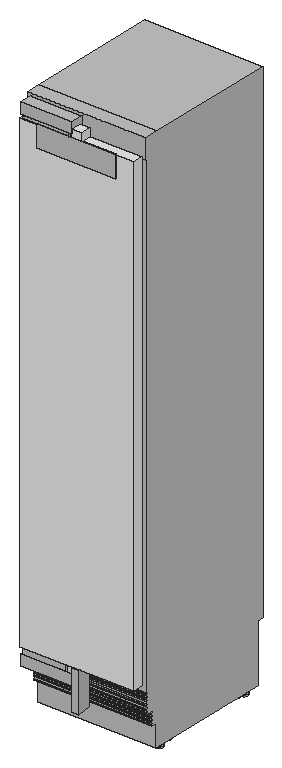
Revit family "FP_Revit_18_RS4621FLJK1_Freezer_90001086A", category Specialty Equipment, Revit 2018
Family settings
  Round Connector Dimension = Use Diameter
  Part Type = Normal
  OmniClass Number = 23.40.40.11.11
  OmniClass Title = Refrigerators and Freezers
  Work Plane-Based = No
  Always vertical = Yes
  Cut with Voids When Loaded = Yes
  Shared = No
  Room Calculation Point = No
Parameters (values of type "RS4621FLK1")
  Visibility - Water Connection = no
  Visibility - Visibility Control Note = yes
  Visibility - Clearance Required = yes
  URL = "www.fisherpaykel.com"
  Stainless Steel Door Panels (RD4612L10D) = no
  Product - Width = 451 mm  # constant formula
  Product - Height = 2134 mm  # constant formula
  Product - Depth (exl front panel) = 610 mm  # constant formula
  Model = "RS4621FLK1"
  Material - Handle = Fisher & Paykel - Aluminium
  Material - Door Structure = Fisher & Paykel - White
  Material - Door Front = Fisher & Paykel - Stainless Steel
  Material - Body = Fisher & Paykel - Grey
  Manufacturer = "Fisher & Paykel Appliances"
  Handle Style - Contemporary Square (AHD3-RD21) = no
  Handle Style - Contemporary Round (AHS-RD21) = no
  Description = "46cm Integrated Column Freezer, stainless steel interior"
  Connector Description - Water = "Water Supply not required"
  Connector Description - Electrical = "230 V, 10 amp fused electrical supply"
  Cavity - Width = 457 mm  # constant formula
  Cavity - Height = 2134 mm  # constant formula
  Cavity - Depth = 650 mm  # constant formula
Types (4, lengths in mm): name | Visibility - Water Connection | Model | Description | Connector Description - Water
  (no name) | no | "RS4621FLK1" | "46cm Integrated Column Freezer, stainless steel interior" | "Water Supply not required"
  RS4621FLJK1 | no | "RS4621FLJK1" | "46cm Integrated Column Freezer with internal ice maker, stainless steel interior" | "1/2 BSP Stainless steel braided hose"
  RS4621FLK1 | no | "RS4621FLK1" | "46cm Integrated Column Freezer, stainless steel interior" | "Water Supply not required"
  RS4621FLJ1 | yes | "RS4621FLJ1" | "46cm Integrated Column Freezer with internal ice maker, white interior" | "Water Supply not required"
Reference planes
  plane 1 "Datum": y = 0
  plane 2: z = 0
  plane 3 "Center (Left/Right)": x = 0
  plane 4 "Product LHS": x = -225.5
  plane 5 "Product RHS": x = 225.5
  plane 6 "Product - Depth": y = 610
  plane 7 "Cavity LHS": x = -228.5
  plane 8 "Cavity RHS": x = 228.5
  plane 9 "Cavity - Depth": y = 628
  plane 10 "Handle Offset": x = 162.5
  plane 11 "Product Height": z = 2134
  plane 12 "Cavity Height": z = 2134
  plane 13 "Door Panel Datum": y = -4.1
Forms (mm)
  Extrusion 1, solid, material "Fisher & Paykel - Grey" <- "Material - Body", detail levels fine
    sketch origin (0, 0, 0) x (0, 1, 0) y (0, 0, 1)
      loop
        line (100.1, 19.1) -> (587.9, 19.1) -> (587.9, 239.7) -> (610, 239.7) -> (610, 2131.9) -> (105.1, 2131.9) -> (105.1, 2134) -> (49.9, 2134) -> (49.9, 2059) -> (56, 2059) -> (56, 228.6) -> (59.5, 228.6) -> (59.5, 219.7) -> (56.5, 219.7) -> (56.5, 215.9) -> (59.5, 215.9) -> (59.5, 207) -> (56.5, 207) -> (56.5, 203.2) -> (59.5, 203.2) -> (59.5, 194.3) -> (56.5, 194.3) -> (56.5, 190.5) -> (59.5, 190.5) -> (59.5, 181.6) -> (56.5, 181.6) -> (56.5, 177.8) -> (59.5, 177.8) -> (59.5, 168.9) -> (56.5, 168.9) -> (56.5, 165.1) -> (59.5, 165.1) -> (59.5, 156.2) -> (56.5, 156.2) -> (56.5, 152.4) -> (84.1, 152.4) -> (84.1, 143.5) -> (81.1, 143.5) -> (81.1, 139.7) -> (84.1, 139.7) -> (84.1, 130.8) -> (81.1, 130.8) -> (81.1, 127) -> (84.1, 127) -> (84.1, 118.1) -> (81.1, 118.1) -> (81.1, 114.3) -> (84.1, 114.3) -> (84.1, 105.4) -> (81.1, 105.4) -> (81.1, 101.6) -> (100.1, 101.6) -> (100.1, 19.1)
    from -225.5 to 225.5
  Extrusion 2, solid, material "Fisher & Paykel - Grey" <- "Material - Body"
    sketch origin (0, 0, 0) x (1, 0, 0) y (0, 1, 0)
      loop
        circle (-205, 547.8) r 4.1
      loop
        circle (-205, 141.8) r 4.1
      loop
        circle (205, 547.8) r 4.1
      loop
        circle (205, 141.8) r 4.1
    from 3 to 19.5
  Extrusion 3, solid, material "Fisher & Paykel - Grey" <- "Material - Body"
    sketch origin (0, 0, 0) x (1, 0, 0) y (0, 1, 0)
      loop
        circle (-205, 547.8) r 14.5
      loop
        circle (-205, 141.8) r 14.555
      loop
        circle (205, 547.8) r 14.5
      loop
        circle (205, 141.8) r 14.555
    from 0 to 3
  Extrusion 4, solid, material "Fisher & Paykel - Grey" <- "Material - Body", detail levels fine
    sketch origin (0, 0, 0) x (1, 0, 0) y (0, 1, 0)
      loop
        line (-7.5, 49) -> (-13.797, -4.1) -> (13.797, -4.1) -> (7.5, 49) -> (-7.5, 49)
    from 104.2 to 254.2
  Extrusion 5, solid, material "Fisher & Paykel - Grey" <- "Material - Body", detail levels fine
    sketch origin (0, 0, 0) x (0, 1, 0) y (0, 0, 1)
      loop
        line (0, 2070.6) -> (0, 1988.6) -> (2, 1988.6) -> (2, 2068.6) -> (4, 2068.6) -> (4, 2070.6) -> (0, 2070.6)
    from -150 to 150
  Extrusion 6, solid, material "Fisher & Paykel - Grey" <- "Material - Body"
    sketch origin (0, 0, 0) x (1, 0, 0) y (0, 0, 1)
      loop
        circle (150.5, 119.813) r 5
      loop
        circle (-150.5, 119.813) r 5
    from -590 to -587.9
  Extrusion 7, solid, material "Fisher & Paykel - White" <- "Material - Door Structure"
    sketch origin (0, 0, 0) x (1, 0, 0) y (0, 1, 0)
      loop
        line (-200.5, 56) -> (-200.5, 42) -> (200.5, 42) -> (200.5, 56) -> (-200.5, 56)
    from 269.6 to 2030.7
  Extrusion 8, solid, material "Fisher & Paykel - White" <- "Material - Door Structure"
    sketch origin (0, 0, 0) x (1, 0, 0) y (0, 1, 0)
      loop
        line (-216.9, 42) -> (-216.9, 3) -> (216.9, 3) -> (216.9, 42) -> (-216.9, 42)
    from 254.2 to 2068.6
  Extrusion 9, solid, material "Fisher & Paykel - White" <- "Material - Door Structure", detail levels fine
    sketch origin (0, 0, 0) x (1, 0, 0) y (0, 0, 1)
      loop
        line (-18.92, 2100.1) -> (-18.92, 2068.6) -> (18.92, 2068.6) -> (18.92, 2100.1) -> (-18.92, 2100.1)
    from -42 to -3
  Extrusion 10, solid, material "Fisher & Paykel - Stainless Steel" <- "Material - Door Front", visible <- "Stainless Steel Door Panels (RD4612L10D)"
    sketch origin (0, 0, 0) x (0, 1, 0) y (0, 0, 1)
      loop
        line (-22.1, 2130.8) -> (-22.1, 102) -> (-4.1, 102) -> (-4.1, 2130.8) -> (-22.1, 2130.8)
    from -225.5 to 225.5
  Extrusion 11, solid, material "Fisher & Paykel - Grey" <- "Material - Body", detail levels coarse+medium
    sketch origin (0, 0, 0) x (0, 1, 0) y (0, 0, 1)
      loop
        line (49.9, 2134) -> (49.9, 2059) -> (56, 2059) -> (56, 152.4) -> (81.1, 152.4) -> (81.1, 101.6) -> (100.1, 101.6) -> (100.1, 19.1) -> (587.9, 19.1) -> (587.9, 239.7) -> (610, 239.7) -> (610, 2134) -> (49.9, 2134)
    from -225.5 to 225.5
  Extrusion 12, solid, material "Fisher & Paykel - Grey" <- "Material - Body", detail levels fine
    sketch origin (0, 0, 0) x (-1, 0, 0) y (0, 0, -1)
      loop
        line (213.9, -187.65) -> (18.92, -187.65) -> (18.92, -229.75) -> (213.9, -229.75) -> (213.9, -187.65)
    from -56 to -2.5
  Extrusion 13, solid, material "Fisher & Paykel - Grey" <- "Material - Body", detail levels fine
    sketch origin (0, 0, 0) x (-1, 0, 0) y (0, 0, -1)
      loop
        line (213.9, -2123.15) -> (213.9, -2081.05) -> (18.92, -2081.05) -> (18.92, -2123.15) -> (213.9, -2123.15)
    from -49 to -2.5
  Extrusion 14, solid, material "Fisher & Paykel - Grey" <- "Material - Body", detail levels fine
    sketch origin (0, 0, -4) x (0, 1, 0) y (0, 0, 1)
      loop
        arc (163.888, 23.1) -> (180.4, 13.63) -> (196.912, 23.1) r 19.13
        line (196.912, 23.1) -> (163.888, 23.1)
      loop
        arc (493.888, 23.1) -> (510.4, 13.63) -> (526.912, 23.1) r 19.13
        line (526.912, 23.1) -> (493.888, 23.1)
    from 191 to 219
  Extrusion 15, solid, material "Fisher & Paykel - Grey" <- "Material - Body", detail levels fine
    sketch origin (0, 0, -4) x (0, 1, 0) y (0, 0, -1)
      loop
        line (163.888, -23.1) -> (196.912, -23.1)
        arc (196.912, -23.1) -> (180.4, -13.63) -> (163.888, -23.1) r 19.13
      loop
        line (493.888, -23.1) -> (526.912, -23.1)
        arc (526.912, -23.1) -> (510.4, -13.63) -> (493.888, -23.1) r 19.13
    from 191 to 219
  Extrusion 16, solid, material "Fisher & Paykel - Clearance Required", visible <- "Visibility - Clearance Required", detail levels coarse
    sketch origin (0, 0, 0) x (1, 0, 0) y (0, 1, 0)
      loop
        line (-228.5, 628) -> (-228.5, -4.1) -> (228.5, -4.1) -> (228.5, 628) -> (-228.5, 628)
    from 0 to 2134
  Extrusion 17, void
    sketch origin (0, 0, 0) x (1, 0, 0) y (0, 1, 0)
      loop
        line (-228.5, 628) -> (-228.5, -22.1) -> (228.5, -22.1) -> (228.5, 628) -> (-228.5, 628)
    from 0 to 2134
  Extrusion 18, solid, material "Fisher & Paykel - Clearance Required", visible <- "Visibility - Clearance Required", detail levels coarse
    sketch origin (0, 0, 0) x (-1, 0, 0) y (0, -1, 0)
      loop
        arc (225.5, 22) -> (228.121, 56.773) -> (262.718, 61.136) r 27.557
        line (262.718, 61.136) -> (415.635, 389) -> (441.854, 376.771)
        arc (441.854, 376.771) -> (467.405, 384.436) -> (458.764, 409.673) r 18.51
        line (458.764, 409.673) -> (431.257, 422.5) -> (453.319, 469.812)
        arc (453.319, 469.812) -> (-5.345, 426.678) -> (-225.5, 22) r 489.999
        line (-225.5, 22) -> (225.5, 22)
    from 0 to 2134
  Extrusion 19, solid, material "Fisher & Paykel - Grey" <- "Material - Body", detail levels fine
    sketch origin (0, 0, 0) x (-1, 0, 0) y (0, 0, -1)
      loop
        line (41.9, -254.2) -> (206.9, -254.2) -> (206.9, -229.75) -> (41.9, -229.75) -> (41.9, -254.2)
      loop
        line (29.5, -2081.05) -> (166.9, -2081.05) -> (206.9, -2076.05) -> (206.9, -2068.6) -> (29.5, -2068.6) -> (29.5, -2081.05)
    from -7 to -4
Lines and regions (mm)
  model lines, style "Fisher & Paykel"
    curve 1: line (-225.5, -4.1, 2130.8) -> (225.5, -4.1, 2130.8)
    curve 2: line (-225.5, -4.1, 102) -> (-225.5, -4.1, 2130.8)
    curve 3: line (225.5, -4.1, 102) -> (-225.5, -4.1, 102)
    curve 4: line (225.5, -4.1, 2130.8) -> (225.5, -4.1, 102)
Text (mm)
  text "Due to ongoing product development, product details are subject to change without notice. \nPlease always refer to www.fisherpaykel.com for the most current product information. \n© Fisher & Paykel 2020" at (41.04, -588.295, 0), in view "Ref. Level (Plan)"
Dimensions and locks
  equal spacing: plane 4 "Product LHS", plane 3 "Center (Left/Right)", plane 5 "Product RHS"
  "Product - Width": plane 4 "Product LHS" to plane 5 "Product RHS"
  "Product - Depth (exl front panel)": plane 1 "Datum" to plane 6 "Product - Depth"
  equal spacing: plane 7 "Cavity LHS", plane 3 "Center (Left/Right)", plane 8 "Cavity RHS"
  "Cavity - Width": plane 7 "Cavity LHS" to plane 8 "Cavity RHS"
  plane 4 "Product LHS" to Extrusion 2 sketch curve = 24.6 mm
  Extrusion 6 sketch curve to Extrusion 1 = 119.887 mm  (x2)
  Extrusion 6 sketch curve to plane 5 "Product RHS" = 75 mm
  plane 4 "Product LHS" to Extrusion 6 sketch curve = 75 mm
  Extrusion 1 sketch curve to Extrusion 1 sketch curve = 82.5 mm
  Extrusion 1 sketch curve to Extrusion 1 sketch curve = 209.5 mm
  Extrusion 1 sketch curve to Extrusion 1 sketch curve = 220.6 mm
  Extrusion 3 to level = 3 mm
  Extrusion 11 to Extrusion 8 = 235.1 mm
  Extrusion 11 to Extrusion 7 = 250.5 mm
  Extrusion 11 to Extrusion 11 = 2114.9 mm
  "Product - Height": level to plane 11 "Product Height"
  plane 11 "Product Height" to Extrusion 10 = 3.2 mm
  Extrusion 8 to plane 11 "Product Height" = 65.4 mm
  Extrusion 7 to plane 11 "Product Height" = 103.3 mm
  Extrusion 11 sketch curve to plane 11 "Product Height" = 75 mm
  Extrusion 1 sketch curve to plane 11 "Product Height" = 2.1 mm
  Extrusion 1 sketch curve to plane 11 "Product Height" = 75 mm
  "Cavity - Height": plane 12 "Cavity Height" to level
  plane 1 "Datum" to Extrusion 16 = 628 mm
  plane 1 "Datum" to Extrusion 17 = 628 mm
  plane 4 "Product LHS" to plane 10 "Handle Offset" = 388 mm
  plane 4 "Product LHS" to Extrusion 19 sketch curve = 18.6 mm
  Extrusion 19 sketch curve to plane 4 "Product LHS" = 196 mm
  plane 4 "Product LHS" to Extrusion 19 sketch curve = 58.6 mm
  "Cavity - Depth": plane 9 "Cavity - Depth" to Extrusion 18
  Extrusion 18 to plane 1 "Datum" = 22 mm
  radius of Extrusion 6 sketch curve = 5 mm
  aligned and locked: level to plane 2
  aligned and locked: Extrusion 10 to plane 5 "Product RHS"
  aligned and locked: plane 4 "Product LHS" to Extrusion 10
  aligned and locked: Extrusion 11 to plane 5 "Product RHS"
  aligned and locked: Extrusion 11 to plane 4 "Product LHS"
  aligned and locked: Extrusion 11 sketch curve to plane 11 "Product Height"
  aligned and locked: plane 11 "Product Height" to Extrusion 1 sketch curve
  aligned and locked: Extrusion 14 sketch curve to Extrusion 14 sketch curve
  aligned and locked: Extrusion 15 sketch curve to Extrusion 15 sketch curve
  aligned and locked: Extrusion 1 to plane 5 "Product RHS"
  aligned and locked: plane 4 "Product LHS" to Extrusion 1
  aligned and locked: Extrusion 11 sketch curve to Extrusion 1  (x4)
  aligned and locked: nested 3 to plane 10 "Handle Offset"
  aligned and locked: nested 2 to plane 10 "Handle Offset"
  aligned and locked: Extrusion 17 to Extrusion 1
Automatic sketch dimensions
  Extrusion 1 sketch curve to plane 6 "Product - Depth" = 0 mm
  Extrusion 1 sketch curve to Extrusion 1 sketch curve = 22.1 mm
  Extrusion 1 sketch curve to plane 1 "Datum" = 105.1 mm
  level to Extrusion 1 sketch curve = 19.1 mm
  Extrusion 1 sketch curve to plane 1 "Datum" = 100.1 mm
  Extrusion 1 sketch curve to Extrusion 1 sketch curve = 16 mm
  Extrusion 1 sketch curve to Extrusion 1 sketch curve = 0 mm  (x8)
  Extrusion 1 sketch curve to Extrusion 1 sketch curve = 3 mm  (x10)
  Extrusion 1 sketch curve to plane 1 "Datum" = 59.5 mm
  Extrusion 1 sketch curve to plane 1 "Datum" = 56 mm
  Extrusion 1 sketch curve to plane 1 "Datum" = 49.9 mm
  Extrusion 1 sketch curve to Extrusion 1 sketch curve = 3.8 mm  (x10)
  Extrusion 1 sketch curve to Extrusion 1 sketch curve = 8.9 mm  (x9)
  Extrusion 2 sketch curve to plane 4 "Product LHS" = 20.5 mm  (x2)
  plane 5 "Product RHS" to Extrusion 2 sketch curve = 20.5 mm  (x2)
  Extrusion 2 sketch curve to plane 1 "Datum" = 141.8 mm  (x2)
  Extrusion 2 sketch curve to plane 6 "Product - Depth" = 62.2 mm  (x2)
  Extrusion 3 sketch curve to plane 4 "Product LHS" = 20.5 mm  (x2)
  plane 5 "Product RHS" to Extrusion 3 sketch curve = 20.5 mm  (x2)
  Extrusion 3 sketch curve to plane 1 "Datum" = 141.8 mm  (x2)
  Extrusion 3 sketch curve to plane 6 "Product - Depth" = 62.2 mm  (x2)
  plane 1 "Datum" to Extrusion 4 sketch curve = 4.1 mm
  Extrusion 4 sketch curve to plane 3 "Center (Left/Right)" = 13.797 mm
  Extrusion 4 sketch curve to plane 3 "Center (Left/Right)" = 7.5 mm
  plane 3 "Center (Left/Right)" to Extrusion 4 sketch curve = 7.5 mm
  plane 3 "Center (Left/Right)" to Extrusion 4 sketch curve = 13.797 mm
  Extrusion 4 sketch curve to plane 1 "Datum" = 49 mm
  Extrusion 5 sketch curve to plane 1 "Datum" = 0 mm
  Extrusion 5 sketch curve to plane 1 "Datum" = 2 mm
  Extrusion 5 sketch curve to Extrusion 5 sketch curve = 2 mm  (x2)
  plane 11 "Product Height" to Extrusion 5 sketch curve = 145.4 mm
  plane 11 "Product Height" to Extrusion 5 sketch curve = 65.4 mm
  Extrusion 7 sketch curve to plane 4 "Product LHS" = 25 mm
  plane 5 "Product RHS" to Extrusion 7 sketch curve = 25 mm
  Extrusion 7 sketch curve to plane 1 "Datum" = 42 mm
  Extrusion 7 sketch curve to Extrusion 7 sketch curve = 14 mm
  Extrusion 8 sketch curve to plane 1 "Datum" = 3 mm
  Extrusion 8 sketch curve to plane 4 "Product LHS" = 8.6 mm
  plane 5 "Product RHS" to Extrusion 8 sketch curve = 8.6 mm
  Extrusion 8 sketch curve to Extrusion 8 sketch curve = 39 mm
  Extrusion 9 sketch curve to plane 3 "Center (Left/Right)" = 18.92 mm
  plane 3 "Center (Left/Right)" to Extrusion 9 sketch curve = 18.92 mm
  plane 11 "Product Height" to Extrusion 9 sketch curve = 65.4 mm
  Extrusion 9 sketch curve to Extrusion 9 sketch curve = 31.5 mm
  plane 1 "Datum" to Extrusion 10 sketch curve = 22.1 mm
  plane 1 "Datum" to Extrusion 10 sketch curve = 4.1 mm
  level to Extrusion 10 sketch curve = 102 mm
  plane 11 "Product Height" to Extrusion 10 sketch curve = 3.2 mm
  Extrusion 11 sketch curve to plane 6 "Product - Depth" = 0 mm
  Extrusion 11 sketch curve to plane 6 "Product - Depth" = 22.1 mm
  Extrusion 11 sketch curve to plane 1 "Datum" = 100.1 mm
  Extrusion 11 sketch curve to Extrusion 11 sketch curve = 19 mm
  Extrusion 11 sketch curve to plane 1 "Datum" = 56 mm
  Extrusion 11 sketch curve to plane 1 "Datum" = 49.9 mm
  plane 3 "Center (Left/Right)" to Extrusion 12 sketch curve = 18.92 mm
  plane 4 "Product LHS" to Extrusion 12 sketch curve = 11.6 mm
  Extrusion 12 sketch curve to level = 187.65 mm
  Extrusion 12 sketch curve to Extrusion 12 sketch curve = 42.1 mm
  plane 3 "Center (Left/Right)" to Extrusion 13 sketch curve = 18.92 mm
  plane 4 "Product LHS" to Extrusion 13 sketch curve = 11.6 mm
  Extrusion 13 sketch curve to plane 11 "Product Height" = 52.95 mm
  Extrusion 13 sketch curve to plane 11 "Product Height" = 10.85 mm
  level to Extrusion 14 sketch curve = 19.1 mm
  Extrusion 14 sketch curve to plane 1 "Datum" = 163.888 mm
  Extrusion 14 sketch curve to Extrusion 14 sketch curve = 16.512 mm  (x2)
  Extrusion 14 sketch curve to plane 6 "Product - Depth" = 116.112 mm
  Extrusion 14 sketch curve to Extrusion 14 sketch curve = 9.66 mm  (x2)
  level to Extrusion 15 sketch curve = 19.1 mm
  Extrusion 15 sketch curve to plane 1 "Datum" = 163.888 mm
  Extrusion 15 sketch curve to Extrusion 15 sketch curve = 16.512 mm  (x2)
  Extrusion 15 sketch curve to plane 6 "Product - Depth" = 116.112 mm
  Extrusion 15 sketch curve to Extrusion 15 sketch curve = 9.66 mm  (x2)
  Extrusion 16 sketch curve to plane 7 "Cavity LHS" = 0 mm
  Extrusion 16 sketch curve to plane 8 "Cavity RHS" = 0 mm
  Extrusion 16 sketch curve to plane 9 "Cavity - Depth" = 0 mm
  plane 1 "Datum" to Extrusion 16 sketch curve = 4.1 mm
  Extrusion 17 sketch curve to plane 7 "Cavity LHS" = 0 mm
  Extrusion 17 sketch curve to plane 8 "Cavity RHS" = 0 mm
  Extrusion 17 sketch curve to plane 9 "Cavity - Depth" = 0 mm
  plane 1 "Datum" to Extrusion 17 sketch curve = 22.1 mm
  Extrusion 18 sketch curve to plane 5 "Product RHS" = 0 mm
  plane 4 "Product LHS" to Extrusion 18 sketch curve = 0 mm
  Extrusion 18 sketch curve to plane 7 "Cavity LHS" = 19.59 mm
  Extrusion 18 sketch curve to Extrusion 18 sketch curve = 14.629 mm
  Extrusion 18 sketch curve to plane 1 "Datum" = 17.663 mm
  Extrusion 18 sketch curve to Extrusion 18 sketch curve = 16.39 mm
  Extrusion 18 sketch curve to plane 7 "Cavity LHS" = 187.135 mm
  Extrusion 18 sketch curve to Extrusion 18 sketch curve = 15.622 mm
  Extrusion 18 sketch curve to Extrusion 18 sketch curve = 26.219 mm
  Extrusion 18 sketch curve to Extrusion 18 sketch curve = 9.088 mm
  Extrusion 18 sketch curve to Extrusion 18 sketch curve = 22.062 mm
  Extrusion 18 sketch curve to Extrusion 18 sketch curve = 7.823 mm
  Extrusion 18 sketch curve to plane 1 "Datum" = 22 mm
  Extrusion 18 sketch curve to Extrusion 18 sketch curve = 20.12 mm
  Extrusion 18 sketch curve to Extrusion 18 sketch curve = 93.041 mm
  Extrusion 18 sketch curve to Extrusion 18 sketch curve = 16.126 mm
  plane 3 "Center (Left/Right)" to Extrusion 19 sketch curve = 41.9 mm
  plane 4 "Product LHS" to Extrusion 19 sketch curve = 18.6 mm
  Extrusion 19 sketch curve to level = 229.75 mm
  Extrusion 19 sketch curve to Extrusion 19 sketch curve = 24.45 mm
  Extrusion 19 sketch curve to plane 11 "Product Height" = 65.4 mm
  Extrusion 19 sketch curve to Extrusion 19 sketch curve = 7.45 mm
  Extrusion 19 sketch curve to Extrusion 19 sketch curve = 5 mm
  plane 5 "Product RHS" to curve 1 = 0 mm
  plane 4 "Product LHS" to curve 3 = 0 mm
  level to curve 3 = 102 mm
  plane 11 "Product Height" to curve 2 = 3.2 mm
  radius of Extrusion 2 sketch curve = 4.1 mm  (x3)
  radius of Extrusion 3 sketch curve = 14.5 mm  (x2)
  radius of Extrusion 3 sketch curve = 14.555 mm  (x2)
  radius of Extrusion 6 sketch curve = 5 mm
Nested families
  nested 1: "Visibility Control Note 18" at (0, 0, 0), visible <- "Visibility - Visibility Control Note", type "Visibility Control Note 18"
  nested 2: "Handle Contemporary Round - Vertical" at (162.5, -22.1, 1242.58), visible <- "Handle Style - Contemporary Round (AHS-RD21)", type "AHS-RD21 - Contemporary round handle (Vertical) 852mm"
  nested 3: "Handle Contemporary Square - Vertical" at (162.5, -22.1, 1242.58), visible <- "Handle Style - Contemporary Square (AHD3-RD21)", type "AHD3-RD21 - Contemporary square handle (Vertical) 852mm"
Connectors
  electrical at (-150.5, 590, 119.813), driven by "Connector Description - Electrical"
    settings: on Extrusion 6, index 1, voltage 230 V, apparent load 0 VA, apparent load phase1 0 VA, apparent load phase2 0 VA, apparent load phase3 0 VA, power factor 1, load classification "Other", number of poles 1, system type 30, power factor state 1, is connector primary yes, connector utility no, sub classification motor no, connector description "230 V, 10 amp fused electrical supply"
  piping at (150.5, 590, 119.813), diameter 12.7, driven by "Connector Description - Water", driven by "Visibility - Water Connection"
    settings: on Extrusion 6, index 2, connector inside diameter 609.6 mm, connector length 0 mm, flow factor 0, pipe flow 0.0 L/s, pressure drop 0.0 Pa, fitting loss kfactor 0, connector angle 0.00°, fixture units 0, engagement length 0 mm, angle of deflection 0.00°, flow configuration 0, flow direction 1, fitting loss method 0, system type 20, joint type 0, gender type 0, connector reference index -1, connector utility 0, adjustable connector no, is connector primary yes, connector description "Water Supply not required"
Definition of nested family "Handle Contemporary Round - Vertical"
  Parameters (values of type "AHSRS80A - Contemporary round handle (1 of 2) (Vertical) 727mm")
    URL = "www.fisherpaykel.com"
    Material - Handle = none
    Manufacturer = "Fisher & Paykel Appliances"
    Handle - Length = 727 mm
  Types (6, lengths in mm): name | Handle - Length
    AHS-RD21 - Contemporary round handle (Vertical) 852mm | 852
    AHSRD2484W - Contemporary round handle (1 of 2) (Vertical) 727mm | 727
    AHSRD3084W - Contemporary round handle (1 of 2) (Vertical) 727mm | 727
    AHS-RD84 - Contemporary round handle (Vertical) 852mm | 852
    AHSRS3272A - Contemporary round handle (1 of 2) (Vertical) 727mm | 727
    AHSRS80A - Contemporary round handle (1 of 2) (Vertical) 727mm | 727
  Reference planes
    plane 1 "Center (Front/Back)": y = 0
    plane 2: z = 0
    plane 3 "Center (Left/Right)": x = 0
    plane 4 "Top": z = 363.5
    plane 5 "Bottom": z = -363.5
    plane 6 "Top Standoff": z = 243.5
    plane 7 "Bottom Standoff": z = -243.5
  Forms (mm)
    Extrusion 1, solid, material <- "Material - Handle"
      sketch origin (0, 0, 0) x (1, 0, 0) y (0, 1, 0)
        loop
          circle (0, -32.3) r 8.7
      from -243.5 to 243.5
    Extrusion 2, solid, material <- "Material - Handle", detail levels fine
      sketch origin (0, 0, 0) x (1, 0, 0) y (0, 1, 0)
        loop
          line (-8.7, 0) -> (-8.7, -32.3)
          arc (-8.7, -32.3) -> (0, -41) -> (8.7, -32.3) r 8.7
          line (8.7, -32.3) -> (8.7, 0) -> (-8.7, 0)
      from 243.5 to 363.5
    Extrusion 3, solid, material <- "Material - Handle", detail levels fine
      sketch origin (0, 0, 0) x (1, 0, 0) y (0, 1, 0)
        loop
          line (-8.7, 0) -> (-8.7, -32.3)
          arc (-8.7, -32.3) -> (0, -41) -> (8.7, -32.3) r 8.7
          line (8.7, -32.3) -> (8.7, 0) -> (-8.7, 0)
      from -363.5 to -243.5
    Sweep 4, void
      path in 3D
        loop
          line (8.7, 0, -363.5) -> (8.7, -32.3, -363.5)
          arc (8.7, -32.3, -363.5) -> (0, -41, -363.5) -> (-8.7, -32.3, -363.5) r 8.7
          line (-8.7, -32.3, -363.5) -> (-8.7, 0, -363.5)
      profile origin (8.7, -16.15, -363.5) x (-1, 0, 0) y (0, 0, -1)
        loop
          line (0, 0) -> (0, -1) -> (1, 0) -> (0, 0)
    Sweep 5, void
      path in 3D
        loop
          line (-8.7, 0, 363.5) -> (-8.7, -32.3, 363.5)
          arc (-8.7, -32.3, 363.5) -> (0, -41, 363.5) -> (8.7, -32.3, 363.5) r 8.7
          line (8.7, -32.3, 363.5) -> (8.7, 0, 363.5)
      profile origin (8.7, -16.15, 363.5) x (-1, 0, 0) y (0, 0, 1)
        loop
          line (0, 0) -> (0, -1) -> (1, 0) -> (0, 0)
    Extrusion 6, solid, material <- "Material - Handle", detail levels coarse+medium
      sketch origin (0, 0, 0) x (1, 0, 0) y (0, 1, 0)
        loop
          line (-8.7, 0) -> (-8.7, -32.3)
          arc (-8.7, -32.3) -> (0, -41) -> (8.7, -32.3) r 8.7
          line (8.7, -32.3) -> (8.7, 0) -> (-8.7, 0)
      from 243.5 to 363.5
    Extrusion 7, solid, material <- "Material - Handle", detail levels coarse+medium
      sketch origin (0, 0, 0) x (1, 0, 0) y (0, 1, 0)
        loop
          line (-8.7, 0) -> (-8.7, -32.3)
          arc (-8.7, -32.3) -> (0, -41) -> (8.7, -32.3) r 8.7
          line (8.7, -32.3) -> (8.7, 0) -> (-8.7, 0)
      from -363.5 to -243.5
  Cuts and joins
    Sweep 4 cuts Extrusion 3
    Sweep 5 cuts Extrusion 2
  Lines and regions (mm)
    sketch lines
      curve 1: line (8.7, 0, -363.5) -> (8.7, -32.3, -363.5)
      curve 2: arc (-8.7, -32.3, -363.5) -> (0, -41, -363.5) -> (8.7, -32.3, -363.5) r 8.7
      curve 3: line (-8.7, -32.3, -363.5) -> (-8.7, 0, -363.5)
      curve 4: line (8.7, -32.3, 363.5) -> (8.7, 0, 363.5)
      curve 5: arc (8.7, -32.3, 363.5) -> (0, -41, 363.5) -> (-8.7, -32.3, 363.5) r 8.7
      curve 6: line (-8.7, 0, 363.5) -> (-8.7, -32.3, 363.5)
  Dimensions and locks
    equal spacing: plane 4 "Top", level, plane 5 "Bottom"
    "Handle - Length": plane 4 "Top" to plane 5 "Bottom"
    locked: plane 4 "Top" to plane 6 "Top Standoff" at 120
    locked: plane 7 "Bottom Standoff" to plane 5 "Bottom" at 120
    Extrusion 2 sketch curve to Extrusion 2 sketch curve = 17.4 mm
    Extrusion 3 sketch curve to Extrusion 3 sketch curve = 17.4 mm
    Extrusion 6 sketch curve to Extrusion 6 sketch curve = 17.4 mm
    Extrusion 7 sketch curve to Extrusion 7 sketch curve = 17.4 mm
    aligned and locked: level to plane 2
    aligned and locked: plane 4 "Top" to Extrusion 2
    aligned and locked: Extrusion 3 to plane 5 "Bottom"
    aligned and locked: plane 7 "Bottom Standoff" to Extrusion 3
    aligned and locked: Extrusion 1 to plane 7 "Bottom Standoff"
    aligned and locked: plane 6 "Top Standoff" to Extrusion 1
    aligned and locked: Extrusion 2 to Extrusion 1
    aligned and locked: Extrusion 6 to Extrusion 1
    aligned and locked: plane 4 "Top" to Extrusion 6
    aligned and locked: Extrusion 7 to Extrusion 1
    aligned and locked: Extrusion 7 to plane 5 "Bottom"
  Automatic sketch dimensions
    Extrusion 1 sketch curve to plane 3 "Center (Left/Right)" = 0 mm
    plane 1 "Center (Front/Back)" to Extrusion 1 sketch curve = 32.3 mm
    plane 1 "Center (Front/Back)" to Extrusion 2 sketch curve = 0 mm
    Extrusion 2 sketch curve to plane 3 "Center (Left/Right)" = 0 mm
    Extrusion 2 sketch curve to plane 3 "Center (Left/Right)" = 8.7 mm
    plane 1 "Center (Front/Back)" to Extrusion 2 sketch curve = 32.3 mm
    plane 1 "Center (Front/Back)" to Extrusion 3 sketch curve = 0 mm
    Extrusion 3 sketch curve to plane 3 "Center (Left/Right)" = 0 mm
    Extrusion 3 sketch curve to plane 3 "Center (Left/Right)" = 8.7 mm
    plane 1 "Center (Front/Back)" to Extrusion 3 sketch curve = 32.3 mm
    Sweep 4 sketch curve to profile plane = 0 mm  (x2)
    Sweep 4 sketch curve to profile plane = 1 mm  (x2)
    Sweep 5 sketch curve to profile plane = 0 mm  (x2)
    Sweep 5 sketch curve to profile plane = 1 mm  (x2)
    Extrusion 6 sketch curve to plane 3 "Center (Left/Right)" = 0 mm
    Extrusion 6 sketch curve to plane 3 "Center (Left/Right)" = 8.7 mm
    plane 1 "Center (Front/Back)" to Extrusion 6 sketch curve = 32.3 mm
    Extrusion 6 sketch curve to Extrusion 6 sketch curve = 32.3 mm
    Extrusion 7 sketch curve to plane 3 "Center (Left/Right)" = 0 mm
    Extrusion 7 sketch curve to plane 3 "Center (Left/Right)" = 8.7 mm
    plane 1 "Center (Front/Back)" to Extrusion 7 sketch curve = 32.3 mm
    Extrusion 7 sketch curve to Extrusion 7 sketch curve = 32.3 mm
    radius of Extrusion 1 sketch curve = 8.7 mm
Definition of nested family "Handle Contemporary Square - Vertical"
  Parameters (values of type "AHD3RS80A - Contemporary square handle (1 of 2) (Vertical) 727mm")
    URL = "www.fisherpaykel.com"
    Material - Handle = none
    Manufacturer = "Fisher & Paykel Appliances"
    Handle - Length = 727 mm
  Types (7, lengths in mm): name | Handle - Length
    (no name) | 727
    AHD3-RD21 - Contemporary square handle (Vertical) 852mm | 852
    AHD3RD2484W - Contemporary square handle (1 of 2) (Vertical) 727mm | 727
    AHD3RD3084W - Contemporary square handle (1 of 2) (Vertical) 727mm | 727
    AHD3-RD84 - Contemporary square handle (Vertical) 852mm | 852
    AHD3RS3272A - Contemporary square handle (1 of 2) (Vertical) 727mm | 727
    AHD3RS80A - Contemporary square handle (1 of 2) (Vertical) 727mm | 727
  Reference planes
    plane 1 "Center (Front/Back)": y = 0
    plane 2: z = 0
    plane 3 "Center (Left/Right)": x = 0
    plane 4 "Top": z = 363.5
    plane 5 "Bottom": z = -363.5
    plane 6 "Top Standoff": z = 243.5
    plane 7 "Bottom Standoff": z = -243.5
  Forms (mm)
    Extrusion 1, solid, material <- "Material - Handle", detail levels fine
      sketch origin (0, 0, 0) x (1, 0, 0) y (0, 1, 0)
        loop
          arc (-7.583, -28.701) -> (-7.89, -29.057) -> (-8, -29.514) r 1
          line (-8, -29.514) -> (-8, -40.5)
          arc (-8, -40.5) -> (-7.561, -41.561) -> (-6.5, -42) r 1.5
          line (-6.5, -42) -> (6.5, -42)
          arc (6.5, -42) -> (7.561, -41.561) -> (8, -40.5) r 1.5
          line (8, -40.5) -> (8, -29.487)
          arc (8, -29.487) -> (7.889, -29.029) -> (7.58, -28.673) r 1
          arc (7.58, -28.673) -> (-0.006, -26.256) -> (-7.583, -28.701) r 13.038
      from -363.5 to 363.5
    Extrusion 2, solid, material <- "Material - Handle", detail levels fine
      sketch origin (0, 0, 0) x (1, 0, 0) y (0, 1, 0)
        loop
          arc (7.058, -28.23) -> (7.466, -28.244) -> (7.674, -27.893) r 0.4
          line (7.674, -27.893) -> (7.674, 0) -> (-7.674, 0) -> (-7.674, -27.86)
          arc (-7.674, -27.86) -> (-7.467, -28.21) -> (-7.06, -28.198) r 0.4
          arc (-7.06, -28.198) -> (0.004, -26.156) -> (7.058, -28.23) r 13.136
      from 243.5 to 363.5
    Extrusion 3, solid, material <- "Material - Handle", detail levels fine
      sketch origin (0, 0, 0) x (1, 0, 0) y (0, 1, 0)
        loop
          arc (7.058, -28.23) -> (7.466, -28.244) -> (7.674, -27.893) r 0.4
          line (7.674, -27.893) -> (7.674, 0) -> (-7.674, 0) -> (-7.674, -27.86)
          arc (-7.674, -27.86) -> (-7.467, -28.21) -> (-7.06, -28.198) r 0.4
          arc (-7.06, -28.198) -> (0.004, -26.156) -> (7.058, -28.23) r 13.136
      from -363.5 to -243.5
    Sweep 4, void
      path in 3D
        loop
          line (-8, -29.514, 363.5) -> (-8, -40.5, 363.5)
          arc (-8, -40.5, 363.5) -> (-7.561, -41.561, 363.5) -> (-6.5, -42, 363.5) r 1.5
          line (-6.5, -42, 363.5) -> (6.5, -42, 363.5)
          arc (6.5, -42, 363.5) -> (7.561, -41.561, 363.5) -> (8, -40.5, 363.5) r 1.5
          line (8, -40.5, 363.5) -> (8, -29.487, 363.5)
      profile origin (8, -34.994, 363.5) x (-1, 0, 0) y (0, 0, 1)
        loop
          line (0, 0) -> (0, -1.3) -> (1.3, 0) -> (0, 0)
    Sweep 5, void
      path in 3D
        loop
          line (8, -29.487, -363.5) -> (8, -40.5, -363.5)
          arc (8, -40.5, -363.5) -> (7.561, -41.561, -363.5) -> (6.5, -42, -363.5) r 1.5
          line (6.5, -42, -363.5) -> (-6.5, -42, -363.5)
          arc (-6.5, -42, -363.5) -> (-7.561, -41.561, -363.5) -> (-8, -40.5, -363.5) r 1.5
          line (-8, -40.5, -363.5) -> (-8, -29.514, -363.5)
      profile origin (8, -34.994, -363.5) x (-1, 0, 0) y (0, 0, -1)
        loop
          line (0, 0) -> (0, -1.3) -> (1.3, 0) -> (0, 0)
    Extrusion 6, void
      sketch origin (0, 0, 0) x (1, 0, 0) y (0, 0, 1)
        loop
          line (-8, -362.2) -> (-8, -363.5) -> (-6.7, -363.5) -> (-8, -362.2)
        loop
          line (8, -362.2) -> (6.7, -363.5) -> (8, -363.5) -> (8, -362.2)
      from 0 to 40
    Extrusion 7, void
      sketch origin (0, 0, 0) x (1, 0, 0) y (0, 0, 1)
        loop
          line (-8, 363.5) -> (-8, 362.2) -> (-6.7, 363.5) -> (-8, 363.5)
        loop
          line (8, 363.5) -> (6.7, 363.5) -> (8, 362.2) -> (8, 363.5)
      from 0 to 40
    Extrusion 8, solid, material <- "Material - Handle", detail levels coarse+medium
      sketch origin (0, 0, 0) x (0, 1, 0) y (0, 0, 1)
        loop
          line (0, 363.5) -> (-42, 363.5) -> (-42, -363.5) -> (0, -363.5) -> (0, -243.5) -> (-26.245, -243.5) -> (-26.245, 243.5) -> (0, 243.5) -> (0, 363.5)
      from -8 to 8
  Cuts and joins
    Sweep 4, Sweep 5, Extrusion 6, Extrusion 7 cuts Extrusion 1
    Extrusion 6 cuts Extrusion 3
    Extrusion 7 cuts Extrusion 2
  Lines and regions (mm)
    sketch lines
      curve 1: line (8, -40.5, 363.5) -> (8, -29.487, 363.5)
      curve 2: arc (8, -40.5, 363.5) -> (7.561, -41.561, 363.5) -> (6.5, -42, 363.5) r 1.5
      curve 3: line (-6.5, -42, 363.5) -> (6.5, -42, 363.5)
      curve 4: arc (-6.5, -42, 363.5) -> (-7.561, -41.561, 363.5) -> (-8, -40.5, 363.5) r 1.5
      curve 5: line (-8, -29.514, 363.5) -> (-8, -40.5, 363.5)
      curve 6: line (8, -29.487, -363.5) -> (8, -40.5, -363.5)
      curve 7: arc (6.5, -42, -363.5) -> (7.561, -41.561, -363.5) -> (8, -40.5, -363.5) r 1.5
      curve 8: line (6.5, -42, -363.5) -> (-6.5, -42, -363.5)
      curve 9: arc (-8, -40.5, -363.5) -> (-7.561, -41.561, -363.5) -> (-6.5, -42, -363.5) r 1.5
      curve 10: line (-8, -40.5, -363.5) -> (-8, -29.514, -363.5)
  Dimensions and locks
    equal spacing: plane 4 "Top", level, plane 5 "Bottom"
    "Handle - Length": plane 4 "Top" to plane 5 "Bottom"
    locked: plane 4 "Top" to plane 6 "Top Standoff" at 120
    locked: plane 7 "Bottom Standoff" to plane 5 "Bottom" at 120
    aligned and locked: level to plane 2
    aligned and locked: plane 4 "Top" to Extrusion 2
    aligned and locked: Extrusion 2 to plane 6 "Top Standoff"
    aligned and locked: plane 4 "Top" to Extrusion 1
    aligned and locked: Extrusion 1 to plane 5 "Bottom"
    aligned and locked: Extrusion 3 to plane 5 "Bottom"
    aligned and locked: plane 7 "Bottom Standoff" to Extrusion 3
    aligned and locked: plane 4 "Top" to Extrusion 8 sketch curve
    aligned and locked: plane 6 "Top Standoff" to Extrusion 8 sketch curve
    aligned and locked: plane 7 "Bottom Standoff" to Extrusion 8 sketch curve
    aligned and locked: plane 5 "Bottom" to Extrusion 8 sketch curve
    aligned and locked: plane 1 "Center (Front/Back)" to Extrusion 8 sketch curve  (x2)
  Automatic sketch dimensions
    Extrusion 1 sketch curve to plane 3 "Center (Left/Right)" = 8 mm
    Extrusion 1 sketch curve to Extrusion 1 sketch curve = 1 mm  (x2)
    Extrusion 1 sketch curve to Extrusion 1 sketch curve = 1.5 mm
    plane 3 "Center (Left/Right)" to Extrusion 1 sketch curve = 0.018 mm
    plane 3 "Center (Left/Right)" to Extrusion 1 sketch curve = 6.5 mm
    plane 3 "Center (Left/Right)" to Extrusion 1 sketch curve = 7 mm
    plane 1 "Center (Front/Back)" to Extrusion 1 sketch curve = 42 mm
    Extrusion 1 sketch curve to Extrusion 1 sketch curve = 1.206 mm
    Extrusion 1 sketch curve to Extrusion 1 sketch curve = 10.986 mm
    Extrusion 1 sketch curve to Extrusion 1 sketch curve = 11.013 mm
    Extrusion 1 sketch curve to Extrusion 1 sketch curve = 0 mm
    plane 1 "Center (Front/Back)" to Extrusion 2 sketch curve = 0 mm
    Extrusion 2 sketch curve to plane 3 "Center (Left/Right)" = 7.674 mm
    Extrusion 2 sketch curve to Extrusion 2 sketch curve = 0.4 mm  (x2)
    Extrusion 2 sketch curve to plane 3 "Center (Left/Right)" = 0.026 mm
    plane 3 "Center (Left/Right)" to Extrusion 2 sketch curve = 7.274 mm
    plane 1 "Center (Front/Back)" to Extrusion 2 sketch curve = 27.86 mm
    Extrusion 2 sketch curve to Extrusion 2 sketch curve = 0.033 mm
    Extrusion 2 sketch curve to Extrusion 2 sketch curve = 11.398 mm
    Extrusion 2 sketch curve to Extrusion 2 sketch curve = 0 mm
    plane 1 "Center (Front/Back)" to Extrusion 3 sketch curve = 0 mm
    Extrusion 3 sketch curve to Extrusion 3 sketch curve = 0.4 mm  (x2)
    Extrusion 3 sketch curve to Extrusion 3 sketch curve = 7.248 mm
    Extrusion 3 sketch curve to Extrusion 3 sketch curve = 7.3 mm
    plane 1 "Center (Front/Back)" to Extrusion 3 sketch curve = 27.86 mm
    Extrusion 3 sketch curve to Extrusion 3 sketch curve = 0.033 mm
    Extrusion 3 sketch curve to Extrusion 3 sketch curve = 11.398 mm
    Extrusion 3 sketch curve to Extrusion 3 sketch curve = 0 mm
    Sweep 4 sketch curve to profile plane = 0 mm  (x2)
    Sweep 4 sketch curve to profile plane = 1.3 mm  (x2)
    Sweep 5 sketch curve to profile plane = 0 mm  (x2)
    Sweep 5 sketch curve to profile plane = 1.3 mm  (x2)
    Extrusion 6 sketch curve to plane 5 "Bottom" = 0 mm  (x2)
    plane 5 "Bottom" to Extrusion 6 sketch curve = 1.3 mm  (x2)
    Extrusion 6 sketch curve to plane 3 "Center (Left/Right)" = 8 mm
    Extrusion 6 sketch curve to Extrusion 6 sketch curve = 1.3 mm  (x2)
    plane 3 "Center (Left/Right)" to Extrusion 6 sketch curve = 8 mm
    Extrusion 7 sketch curve to plane 4 "Top" = 0 mm  (x2)
    Extrusion 7 sketch curve to plane 3 "Center (Left/Right)" = 8 mm
    Extrusion 7 sketch curve to Extrusion 7 sketch curve = 1.3 mm  (x2)
    plane 3 "Center (Left/Right)" to Extrusion 7 sketch curve = 8 mm
    Extrusion 7 sketch curve to plane 4 "Top" = 1.3 mm  (x2)
    plane 1 "Center (Front/Back)" to Extrusion 8 sketch curve = 26.245 mm
    plane 1 "Center (Front/Back)" to Extrusion 8 sketch curve = 42 mm
    Extrusion 3 sketch curve to plane 3 "Center (Left/Right)" = 7.674 mm
Definition of nested family "Visibility Control Note 18"
  Types (3): name
    New
    Resolved
    Active
  Reference planes
    plane 1: y = 0
    plane 2: x = 0
  Text (mm)
    text "Edit Type: \nTo control handle kit \nand door panel visibility\n options\n\nDelete unwanted kits \nto reduce file size" at (-0.165, 35.556, 0)
